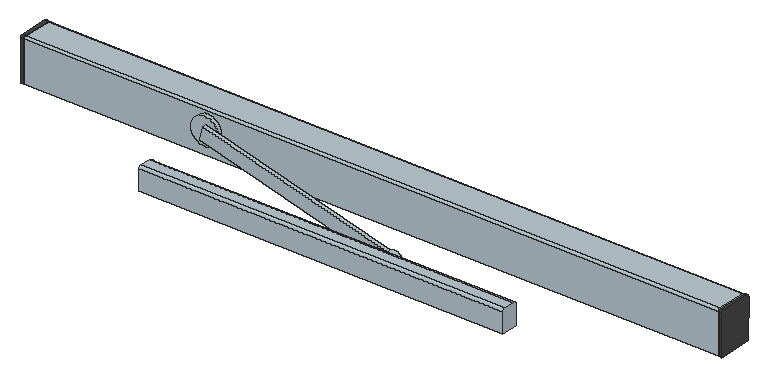
Revit family "ASSA_ABLOY_SW60", category Specialty Equipment, Revit 2019
Family settings
  Round Connector Dimension = Use Diameter
  Part Type = Normal
  Work Plane-Based = Yes
  Always vertical = No
  Cut with Voids When Loaded = No
  Shared = No
  Room Calculation Point = No
Parameters (values of type "Pull Application")
  Width = 3' - 3 1/2"
  URL = "https://www.assaabloyentrance.com/en/products/"
  Spindle2Depth = 0' - 0.45833"
  Spindle1Depth = 0' - 0 1/4"
  Push Application = no
  Pull Application = not(Push Application)  # yes
  PivotLocV [instance] = if(Pull Application, 0' 0 5/8", (Frame to Door Inset + 0' 10 11/16" + 0' 1 3/8"))  # 0' - 0 5/8"
  SpindleLoc = 0' - 9 1/2"
  PivotLocH = if(Pull Application, 0' 10 11/16", 0' 2 5/8")  # 0' - 10 11/16"
  Pivot Location From Hinge = 0' - 9 1/2"
  Model = "SW60 - Pull Application"
  Manufacturer = "Assa Abloy"
  Keynote = "07 81 00"
  Housing Finish = Anodized Aluminum
  Height = 0' - 1 7/8"
  Frame to Door Inset [instance] = 0' - 2"
  End Cap Finish = Black Plastic
  Description = "Assa Abloy SW60 Door Operator - Pull Application"
  Depth = 0' - 2 3/8"
  Default Elevation = 4' - 0"
  CapDepth = 0' - 0 3/16"
  Assembly Code = "C1020410"
  Arm Height = 0' - 0 7/8"
  Arm Depth = 0' - 1 1/4"
Types (3): name | Spindle2Depth | Spindle1Depth | Push Application | Pull Application | PivotLocV | PivotLocH | Model | Frame to Door Inset | Description | Arm Depth
  (no name) | 0' - 0.45833" | 0' - 0 1/4" | no | yes | 0' - 0 5/8" | 0' - 10 11/16" | "SW60 - Pull Application" | 0' - 2" | "Assa Abloy SW60 Door Operator - Pull Application" | 0' - 1 1/4"
  Pull Application | 0' - 0.45833" | 0' - 0 1/4" | no | yes | 0' - 0 5/8" | 0' - 10 11/16" | "SW60 - Pull Application" | 0' - 2" | "Assa Abloy SW60 Door Operator - Pull Application" | 0' - 1 1/4"
  Push Application | 0' - 1" | 0' - 0 1/2" | yes | no | 1' - 0 9/16" | 0' - 2 5/8" | "SW60 - Push Application" | 0' - 0 1/2" | "Assa Abloy SW60 Door Operator - Push Application" | 0' - 1"
Reference planes (in)
  plane 1 "TO Arm": y = 0
  plane 2: z = 0
  plane 3 "Hinge CL": x = -8.4375
  plane 4: x = -9.5
  plane 5: x = 30
  plane 6 "BOHousing": y = 0.6875
  plane 7: y = 2.5625
  plane 8 "Front": z = 2.375
  plane 9 "HousingLeft": x = -9.3125
  plane 10 "Housing Right": x = 29.8125
  plane 11 "ArmL": x = -1.5625
  plane 12 "ArmR": x = 18.9375
  plane 13: y = -0.875
  plane 14 "Pivot": x = 1.0625
  plane 15: z = -2
  plane 16: z = -0.75
  plane 17 "Pivot CL": z = 1.375
  plane 18: x = 11.75
  plane 19 "Arm Pivot": z = -1.375
  plane 20 "AnchL": x = 2.875
  plane 21: x = 4.625
  plane 22: z = -1.375
  plane 23: y = 0.20833
  plane 24: y = 0.4375
Forms (in)
  Extrusion 1, solid, material "Anodized Aluminum" <- "Housing Finish"
    sketch origin (29.8125, 0, 0) x (0, 1, 0) y (0, 0, 1)
      loop
        line (2.4375, 2.375) -> (0.8125, 2.375)
        arc (0.8125, 2.375) -> (0.72411, 2.33839) -> (0.6875, 2.25) r 0.125
        line (0.6875, 2.25) -> (0.6875, 0) -> (2.5625, 0) -> (2.5625, 2.25)
        arc (2.5625, 2.25) -> (2.52589, 2.33839) -> (2.4375, 2.375) r 0.125
    from -39.125 to 0
  Extrusion 2, solid, material "Black Plastic" <- "End Cap Finish"
    sketch origin (-9.3125, 0, 0) x (0, -1, 0) y (0, 0, 1)
      loop
        arc (-0.6875, 2.25) -> (-0.72411, 2.33839) -> (-0.8125, 2.375) r 0.125
        line (-0.8125, 2.375) -> (-2.4375, 2.375)
        arc (-2.4375, 2.375) -> (-2.52589, 2.33839) -> (-2.5625, 2.25) r 0.125
        line (-2.5625, 2.25) -> (-2.5625, 0) -> (-0.6875, 0) -> (-0.6875, 2.25)
    from 0 to 0.1875
  Extrusion 3, solid, material "Black Plastic" <- "End Cap Finish"
    sketch origin (29.8125, 0, 0) x (0, 1, 0) y (0, 0, 1)
      loop
        arc (2.5625, 2.25) -> (2.52589, 2.33839) -> (2.4375, 2.375) r 0.125
        line (2.4375, 2.375) -> (0.8125, 2.375)
        arc (0.8125, 2.375) -> (0.72411, 2.33839) -> (0.6875, 2.25) r 0.125
        line (0.6875, 2.25) -> (0.6875, 0) -> (2.5625, 0) -> (2.5625, 2.25)
    from 0 to 0.1875
  Extrusion 4, solid, material "Anodized Aluminum" <- "Housing Finish", visible <- "Pull Application", detail levels medium+fine
    sketch origin (-1.5625, 0, 0) x (0, 1, 0) y (0, 0, 1)
      loop
        line (-0.125, -0.75) -> (-0.75, -0.75)
        arc (-0.75, -0.75) -> (-0.83839, -0.78661) -> (-0.875, -0.875) r 0.125
        line (-0.875, -0.875) -> (-0.875, -2) -> (0, -2) -> (0, -0.875)
        arc (0, -0.875) -> (-0.03661, -0.78661) -> (-0.125, -0.75) r 0.125
    from 0 to 20.5
  Extrusion 5, solid, material "Anodized Aluminum" <- "Housing Finish", detail levels medium+fine
    sketch origin (0, 0, 0) x (1, 0, 0) y (0, 0, 1)
      loop
        circle (1.0625, 1.375) r 0.75
    from -0.6875 to -0.4375
  Extrusion 6, solid, material "Anodized Aluminum" <- "Housing Finish", detail levels medium+fine
    sketch origin (0, 0, 0) x (1, 0, 0) y (0, 0, 1)
      loop
        circle (11.75, -1.375) r 0.5
    from -0.4375 to 0.02083
  Sweep 7, solid, material "Anodized Aluminum" <- "Housing Finish", detail levels medium+fine
    path in 3D
      loop
        line (1.0625, 0, 1.375) -> (11.75, 0, -1.375)
    profile origin (6.40625, 0, 0) x (0.249193, 0, 0.968454) y (0, -1, 0)
      loop
        line (-0.375, -0.20833) -> (-0.375, -0.4375) -> (0.375, -0.4375) -> (0.375, -0.20833) -> (-0.375, -0.20833)
  Sweep 8, solid, material "Anodized Aluminum" <- "Housing Finish", visible <- "Push Application", detail levels medium+fine
    path in 3D
      loop
        line (11.75, 0, -1.375) -> (11.75, 0, -2)
    profile origin (11.75, 0, -1.6875) x (0, -1, 0) y (1, 0, 0)
      loop
        circle (0.4375, 0) r 0.25
  Extrusion 9, solid, material "Anodized Aluminum" <- "Housing Finish", visible <- "Push Application", detail levels medium+fine
    sketch origin (2.875, 0, 0) x (0, 0, 1) y (0, -1, 0)
      loop
        line (-0.75, 0.875) -> (-2, 0.875) -> (-2, 0) -> (-0.75, 0) -> (-0.75, 0.125) -> (-1.875, 0.125) -> (-1.875, 0.75) -> (-0.75, 0.75) -> (-0.75, 0.875)
    from 0 to 1.75
Lines and regions (in)
  reference lines
    curve 1: line (1.0625, 0, 1.375) -> (11.75, 0, -1.375)
    curve 3: line (11.75, 0, -1.375) -> (11.75, 0, -2)
  sketch lines
    curve 2: line (1.0625, 0, 1.375) -> (11.75, 0, -1.375)
    curve 4: line (11.75, 0, -1.375) -> (11.75, 0, -2)
Dimensions and locks (in)
  "Width": plane 4 to plane 5
  "Depth": plane 8 "Front" to level
  "Height": plane 7 to plane 6 "BOHousing"
  "CapDepth": plane 4 to plane 9 "HousingLeft"
  "CapDepth": plane 10 "Housing Right" to plane 5
  locked: plane 1 "TO Arm" to plane 6 "BOHousing" at 0.6875
  locked: plane 11 "ArmL" to plane 14 "Pivot" at 2.625
  locked: plane 11 "ArmL" to plane 12 "ArmR" at 20.5
  "Arm Height": plane 13 to plane 1 "TO Arm"
  locked: plane 4 to plane 3 "Hinge CL" at 1.0625
  "SpindleLoc": plane 3 "Hinge CL" to plane 14 "Pivot"
  "Frame to Door Inset": level to plane 15
  "Arm Depth": plane 16 to plane 15
  locked: plane 17 "Pivot CL" to level at 1.375
  "PivotLocH": plane 14 "Pivot" to plane 18
  plane 1 "TO Arm" to plane 6 "BOHousing" = 0' - 0 11/16"
  locked: plane 21 to plane 20 "AnchL" at 1.75
  plane 20 "AnchL" to plane 3 "Hinge CL" = 0' - 11 5/16"
  "PivotLocV": plane 22 to plane 15
  "PivotLocV": plane 19 "Arm Pivot" to plane 15
  Sweep 7 sketch curve to profile plane to Sweep 7 sketch curve = 0' - 0 3/8" locked, 0' - 0 3/8" locked
  locked: plane 1 "TO Arm" to Extrusion 9 sketch curve at 0.125
  locked: Extrusion 9 sketch curve to plane 13 at 0.125
  locked: Extrusion 9 sketch curve to plane 15 at 0.125
  equal spacing: plane 13, Sweep 8 sketch curve, profile plane
  locked: plane 24 to plane 23 at 0.22917
  "Spindle2Depth": plane 24 to Extrusion 6
  "Spindle1Depth": plane 6 "BOHousing" to plane 24
  radius of Extrusion 1 sketch curve = 0' - 0 1/8"  (x2)
  radius of Extrusion 4 sketch curve = 0' - 0 1/8"  (x2)
  radius of Extrusion 6 sketch curve = 0' - 0 1/2"
  radius of Sweep 8 sketch curve = 0' - 0 1/4"
  aligned and locked: level to plane 2
  aligned and locked: Extrusion 1 sketch curve to level
  aligned and locked: Extrusion 1 sketch curve to plane 6 "BOHousing"
  aligned and locked: plane 9 "HousingLeft" to Extrusion 1
  aligned and locked: plane 10 "Housing Right" to Extrusion 1
  aligned and locked: Extrusion 2 sketch curve to Extrusion 1  (x4)
  aligned and locked: plane 4 to Extrusion 2
  aligned and locked: Extrusion 2 to plane 9 "HousingLeft"
  aligned and locked: Extrusion 3 sketch curve to Extrusion 1  (x4)
  aligned and locked: Extrusion 3 to plane 10 "Housing Right"
  aligned and locked: plane 5 to Extrusion 3
  aligned and locked: plane 15 to Extrusion 4 sketch curve
  aligned and locked: plane 13 to Extrusion 4 sketch curve
  aligned and locked: Extrusion 4 to plane 11 "ArmL"
  aligned and locked: Extrusion 4 to plane 12 "ArmR"
  aligned and locked: plane 14 "Pivot" to Extrusion 5 sketch curve
  aligned and locked: plane 17 "Pivot CL" to Extrusion 5 sketch curve
  aligned and locked: plane 6 "BOHousing" to Extrusion 5
  aligned and locked: plane 19 "Arm Pivot" to Extrusion 6 sketch curve
  aligned and locked: plane 18 to Extrusion 6 sketch curve
  aligned and locked: curve 3 to plane 22
  aligned and locked: plane 15 to curve 3
  aligned and locked: curve 3 to plane 18
  aligned and locked: plane 13 to Extrusion 9 sketch curve
  aligned and locked: plane 1 "TO Arm" to Extrusion 9 sketch curve
  aligned and locked: Extrusion 9 sketch curve to plane 16  (x2)
  aligned and locked: plane 15 to Extrusion 9 sketch curve
  aligned and locked: Extrusion 9 to plane 20 "AnchL"
  aligned and locked: plane 21 to Extrusion 9
  aligned and locked: profile plane to Sweep 8 sketch curve
  aligned and locked: Extrusion 5 to plane 24
  aligned and locked: Sweep 7 sketch curve to plane 24
  aligned and locked: plane 23 to Sweep 7 sketch curve
  aligned and locked: Extrusion 6 to plane 24
Automatic sketch dimensions
  Extrusion 1 sketch curve to plane 8 "Front" = 0' - 0"
  Extrusion 1 sketch curve to plane 7 = 0' - 0"
  Extrusion 4 sketch curve to plane 16 = 0' - 0"
  Extrusion 4 sketch curve to plane 1 "TO Arm" = 0' - 0"
  Extrusion 4 sketch curve to Extrusion 4 sketch curve = 0' - 0"
  plane 14 "Pivot" to curve 1 = 0' - 0"
  curve 1 to plane 17 "Pivot CL" = 0' - 0"
  radius of Extrusion 5 sketch curve = 0' - 0 3/4"
